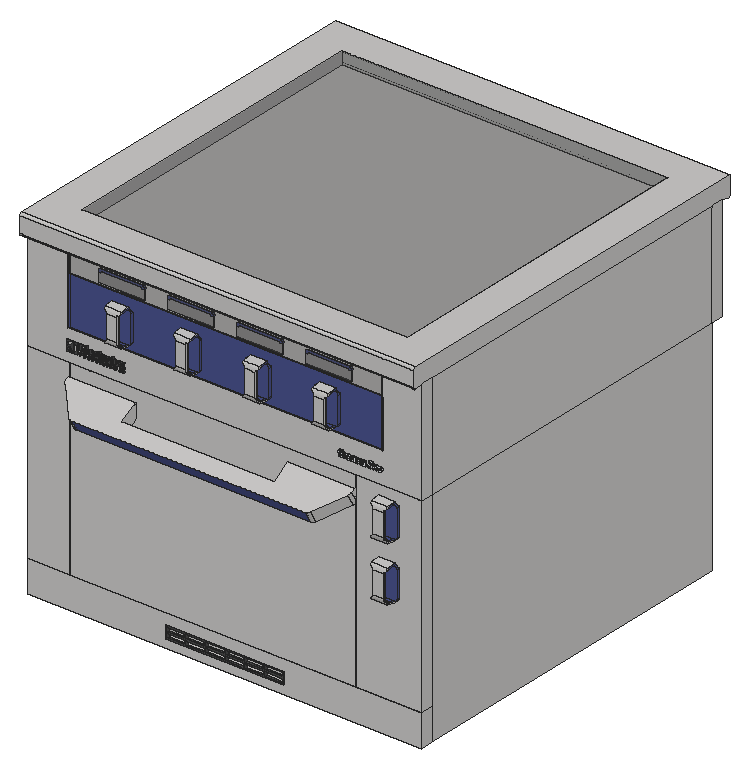
Revit family "QF_ELECTROLUXPROFESSIONAL_588427_MAIMEAH8AO", category Attrezzature speciali, Revit 2020 (continued)
Definition of nested family "Front_Panel_W800_4 Knobs"
  Definition of nested family "ELX_Professional_Logo_Small"
    Forms (mm)
      Extrusion 2, solid, material <- "Material_Logo"
        sketch origin (15.5, 0, 0) x (1, 0, 0) y (0, 1, 0)
          loop
            spline (-12.295, -0.468) -> (-12.474, -0.643) -> (-12.659, -0.805) -> (-12.85, -0.953) -> (-13.048, -1.087) -> (-13.254, -1.206) -> (-13.467, -1.311) -> (-13.69, -1.4) -> (-13.921, -1.475) -> (-14.162, -1.533) -> (-14.414, -1.575) -> (-14.677, -1.6) -> (-14.951, -1.609)
            spline (-14.951, -1.609) -> (-15.398, -1.581) -> (-15.823, -1.497) -> (-16.223, -1.362) -> (-16.596, -1.179) -> (-16.937, -0.95) -> (-17.243, -0.678) -> (-17.512, -0.367) -> (-17.739, -0.02) -> (-17.921, 0.36) -> (-18.055, 0.771) -> (-18.138, 1.208) -> (-18.167, 1.669)
          loop
            spline (-4.441, -1.243) -> (-4.659, -1.247) -> (-4.894, -1.23) -> (-5.137, -1.19) -> (-5.384, -1.121) -> (-5.628, -1.021) -> (-5.864, -0.884) -> (-6.084, -0.708) -> (-6.283, -0.488) -> (-6.454, -0.219) -> (-6.592, 0.101) -> (-6.69, 0.478) -> (-6.742, 0.914)
            line (-6.742, 0.914) -> (-6.742, 4.587) -> (-4.487, 4.587) -> (-4.487, 6.838) -> (-6.738, 6.838) -> (-6.738, 10.824) -> (-9.217, 10.824) -> (-9.217, 0.773)
            spline (-9.217, 0.773) -> (-9.164, 0.19) -> (-9.068, -0.358) -> (-8.928, -0.87) -> (-8.742, -1.343) -> (-8.511, -1.777) -> (-8.232, -2.168) -> (-7.904, -2.515) -> (-7.527, -2.816) -> (-7.098, -3.069) -> (-6.618, -3.273) -> (-6.084, -3.426) -> (-5.496, -3.525)
            line (-5.496, -3.525) -> (-4.45, -3.573) -> (-4.441, -1.243)
          loop
            spline (3.898, 6.983) -> (3.469, 7.009) -> (3.056, 7.001) -> (2.661, 6.961) -> (2.283, 6.888) -> (1.925, 6.785) -> (1.588, 6.652) -> (1.272, 6.49) -> (0.979, 6.301) -> (0.71, 6.085) -> (0.465, 5.844) -> (0.247, 5.578) -> (0.056, 5.289)
            line (0.056, 5.289) -> (0.056, 6.838) -> (-2.402, 6.838) -> (-2.402, -3.572) -> (0.056, -3.572) -> (0.056, 1.901)
            spline (0.056, 1.901) -> (0.079, 2.316) -> (0.145, 2.703) -> (0.254, 3.06) -> (0.404, 3.386) -> (0.592, 3.679) -> (0.818, 3.938) -> (1.08, 4.162) -> (1.375, 4.348) -> (1.703, 4.495) -> (2.062, 4.602) -> (2.45, 4.668) -> (2.865, 4.69)
            line (2.865, 4.69) -> (3.898, 4.586) -> (3.898, 6.983)
          loop
            spline (15.638, 1.633) -> (15.586, 2.396) -> (15.435, 3.124) -> (15.192, 3.81) -> (14.863, 4.449) -> (14.455, 5.034) -> (13.975, 5.56) -> (13.43, 6.021) -> (12.826, 6.411) -> (12.17, 6.724) -> (11.469, 6.955) -> (10.729, 7.098) -> (9.958, 7.147)
            spline (9.958, 7.147) -> (9.182, 7.098) -> (8.44, 6.955) -> (7.737, 6.724) -> (7.081, 6.411) -> (6.477, 6.021) -> (5.933, 5.56) -> (5.454, 5.034) -> (5.048, 4.449) -> (4.721, 3.81) -> (4.479, 3.124) -> (4.329, 2.396) -> (4.277, 1.633)
            spline (4.277, 1.633) -> (4.329, 0.869) -> (4.479, 0.141) -> (4.721, -0.544) -> (5.048, -1.183) -> (5.454, -1.768) -> (5.933, -2.294) -> (6.477, -2.755) -> (7.081, -3.145) -> (7.737, -3.459) -> (8.44, -3.69) -> (9.182, -3.833) -> (9.958, -3.882)
            spline (9.958, -3.882) -> (10.729, -3.833) -> (11.469, -3.69) -> (12.17, -3.459) -> (12.826, -3.145) -> (13.43, -2.755) -> (13.975, -2.294) -> (14.455, -1.768) -> (14.863, -1.183) -> (15.192, -0.544) -> (15.435, 0.141) -> (15.586, 0.869) -> (15.638, 1.633)
          loop
            spline (13.18, 1.633) -> (13.151, 2.083) -> (13.067, 2.513) -> (12.932, 2.918) -> (12.748, 3.296) -> (12.52, 3.642) -> (12.251, 3.954) -> (11.943, 4.227) -> (11.601, 4.459) -> (11.228, 4.645) -> (10.828, 4.782) -> (10.403, 4.867) -> (9.958, 4.896)
            spline (9.958, 4.896) -> (9.509, 4.867) -> (9.081, 4.782) -> (8.679, 4.645) -> (8.306, 4.459) -> (7.964, 4.227) -> (7.658, 3.954) -> (7.39, 3.642) -> (7.163, 3.296) -> (6.981, 2.918) -> (6.847, 2.513) -> (6.765, 2.083) -> (6.736, 1.633)
            spline (6.736, 1.633) -> (6.765, 1.182) -> (6.847, 0.753) -> (6.981, 0.347) -> (7.163, -0.031) -> (7.39, -0.377) -> (7.658, -0.689) -> (7.964, -0.962) -> (8.306, -1.193) -> (8.679, -1.38) -> (9.081, -1.517) -> (9.509, -1.602) -> (9.958, -1.631)
            spline (9.958, -1.631) -> (10.403, -1.602) -> (10.828, -1.517) -> (11.228, -1.38) -> (11.601, -1.193) -> (11.943, -0.962) -> (12.251, -0.689) -> (12.52, -0.377) -> (12.748, -0.031) -> (12.932, 0.347) -> (13.067, 0.753) -> (13.151, 1.182) -> (13.18, 1.633)
          loop
            line (17.162, 4.269) -> (17.162, -3.573) -> (19.642, -3.573) -> (19.642, 10.824) -> (17.162, 10.824) -> (17.162, 4.269)
          loop
            line (28.581, 6.838) -> (28.581, 0.786)
            spline (28.581, 0.786) -> (28.561, 0.393) -> (28.503, 0.038) -> (28.409, -0.279) -> (28.281, -0.559) -> (28.122, -0.802) -> (27.933, -1.011) -> (27.717, -1.185) -> (27.476, -1.325) -> (27.213, -1.433) -> (26.929, -1.509) -> (26.626, -1.554) -> (26.308, -1.569)
            spline (26.308, -1.569) -> (25.99, -1.554) -> (25.688, -1.509) -> (25.404, -1.434) -> (25.141, -1.326) -> (24.9, -1.187) -> (24.684, -1.014) -> (24.496, -0.807) -> (24.336, -0.565) -> (24.209, -0.288) -> (24.115, 0.026) -> (24.057, 0.376) -> (24.037, 0.765)
            line (24.037, 0.765) -> (24.037, 6.838) -> (21.537, 6.838) -> (21.537, 0.558)
            spline (21.537, 0.558) -> (21.581, -0.153) -> (21.71, -0.8) -> (21.916, -1.384) -> (22.195, -1.904) -> (22.54, -2.362) -> (22.944, -2.757) -> (23.403, -3.09) -> (23.909, -3.362) -> (24.456, -3.572) -> (25.04, -3.722) -> (25.652, -3.811) -> (26.288, -3.841)
            spline (26.288, -3.841) -> (26.929, -3.811) -> (27.547, -3.72) -> (28.135, -3.568) -> (28.687, -3.355) -> (29.197, -3.079) -> (29.66, -2.741) -> (30.068, -2.341) -> (30.415, -1.877) -> (30.696, -1.349) -> (30.905, -0.757) -> (31.034, -0.101) -> (31.079, 0.621)
            line (31.079, 0.621) -> (31.079, 6.838) -> (28.581, 6.838)
          loop
            line (40.457, -0.243) -> (38.894, 1.942) -> (40.83, 4.579) -> (42.488, 6.837) -> (39.782, 6.837) -> (37.53, 3.719) -> (35.258, 6.837) -> (32.573, 6.837) -> (34.113, 4.731) -> (36.167, 1.922) -> (34.014, -1.076) -> (32.222, -3.573) -> (34.887, -3.573) -> (37.53, 0.104) -> (40.174, -3.573) -> (42.839, -3.573) -> (40.457, -0.243)
          loop
            line (-46.121, -5.837) -> (-48.039, -5.837) -> (-48.039, -10.814) -> (-47.016, -10.814) -> (-47.016, -9.128) -> (-46.121, -9.128)
            arc (-46.121, -9.128) -> (-44.476, -7.482) -> (-46.121, -5.837) r 1.645
          loop
            line (-46.163, -6.778) -> (-47.016, -6.778) -> (-47.016, -8.187) -> (-46.163, -8.187)
            arc (-46.163, -8.187) -> (-45.458, -7.482) -> (-46.163, -6.778) r 0.704
          loop
            line (-38.313, -5.837) -> (-40.265, -5.837) -> (-40.265, -10.814) -> (-39.241, -10.814) -> (-39.241, -9.1) -> (-38.46, -9.182) -> (-37.48, -10.814) -> (-36.318, -10.814) -> (-37.513, -8.848)
            arc (-37.513, -8.848) -> (-36.888, -8.266) -> (-36.671, -7.441) r 1.536
            arc (-36.671, -7.441) -> (-37.165, -6.305) -> (-38.313, -5.837) r 1.643
          loop
            arc (-38.402, -8.166) -> (-37.707, -7.505) -> (-38.334, -6.778) r 0.696
            line (-38.334, -6.778) -> (-39.241, -6.778) -> (-39.241, -8.166) -> (-38.402, -8.166)
          loop
            circle (-29.965, -8.325) r 2.585
          loop
            circle (-29.965, -8.325) r 1.64
          loop
            line (-23.1, -5.837) -> (-23.1, -10.814) -> (-22.076, -10.814) -> (-22.076, -8.768) -> (-20.204, -8.768) -> (-20.204, -7.828) -> (-22.076, -7.828) -> (-22.076, -6.778) -> (-20.024, -6.778) -> (-20.024, -5.837) -> (-23.1, -5.837)
          loop
            line (-15.802, -5.837) -> (-15.802, -9.2)
            arc (-15.802, -9.2) -> (-15.343, -10.34) -> (-14.209, -10.814) r 1.593
            line (-14.209, -10.814) -> (-12.602, -10.814) -> (-12.602, -10.027) -> (-14.004, -10.027)
            arc (-14.004, -10.027) -> (-14.552, -9.8) -> (-14.779, -9.252) r 0.775
            line (-14.779, -9.252) -> (-14.779, -8.424) -> (-12.789, -8.424) -> (-12.789, -7.642) -> (-14.779, -7.642) -> (-14.779, -6.778) -> (-12.651, -6.778) -> (-12.651, -5.837) -> (-15.802, -5.837)
          loop
            line (-5.909, -7.143) -> (-5.173, -6.638)
            arc (-5.173, -6.638) -> (-5.855, -5.974) -> (-6.781, -5.755) r 1.782
            arc (-6.781, -5.755) -> (-7.397, -5.878) -> (-7.944, -6.189) r 1.974
            arc (-7.944, -6.189) -> (-8.202, -6.5) -> (-8.317, -6.888) r 1.013
            arc (-8.317, -6.888) -> (-8.306, -7.341) -> (-8.192, -7.78) r 1.985
            arc (-8.192, -7.78) -> (-7.749, -8.259) -> (-7.171, -8.563) r 1.928
            arc (-7.171, -8.563) -> (-6.637, -8.779) -> (-6.131, -9.056) r 5.041
            arc (-6.131, -9.056) -> (-5.934, -9.387) -> (-6.09, -9.74) r 0.42
            arc (-6.09, -9.74) -> (-6.631, -9.96) -> (-7.204, -9.845) r 1.016
            arc (-7.204, -9.845) -> (-7.625, -9.603) -> (-7.889, -9.196) r 1.033
            line (-7.889, -9.196) -> (-8.67, -9.686)
            arc (-8.67, -9.686) -> (-8.361, -10.198) -> (-7.908, -10.589) r 1.914
            arc (-7.908, -10.589) -> (-7.334, -10.834) -> (-6.714, -10.896) r 2.063
            arc (-6.714, -10.896) -> (-5.947, -10.743) -> (-5.256, -10.376) r 2.696
            arc (-5.256, -10.376) -> (-4.95, -9.565) -> (-5.108, -8.712) r 1.618
            arc (-5.108, -8.712) -> (-5.448, -8.319) -> (-5.884, -8.035) r 1.876
            arc (-5.884, -8.035) -> (-6.434, -7.789) -> (-6.999, -7.577) r 9.883
            arc (-6.999, -7.577) -> (-7.325, -7.07) -> (-6.854, -6.694) r 0.45
            arc (-6.854, -6.694) -> (-6.329, -6.809) -> (-5.909, -7.143) r 1.197
          loop
            line (1.61, -7.143) -> (2.345, -6.638)
            arc (2.345, -6.638) -> (1.663, -5.974) -> (0.737, -5.755) r 1.782
            arc (0.737, -5.755) -> (0.121, -5.878) -> (-0.425, -6.189) r 1.974
            arc (-0.425, -6.189) -> (-0.683, -6.5) -> (-0.799, -6.888) r 1.013
            arc (-0.799, -6.888) -> (-0.788, -7.341) -> (-0.674, -7.78) r 1.985
            arc (-0.674, -7.78) -> (-0.231, -8.259) -> (0.347, -8.563) r 1.928
            arc (0.347, -8.563) -> (0.881, -8.779) -> (1.387, -9.056) r 5.041
            arc (1.387, -9.056) -> (1.584, -9.387) -> (1.428, -9.74) r 0.42
            arc (1.428, -9.74) -> (0.887, -9.96) -> (0.314, -9.845) r 1.016
            arc (0.314, -9.845) -> (-0.107, -9.603) -> (-0.371, -9.196) r 1.033
            line (-0.371, -9.196) -> (-1.152, -9.686)
            arc (-1.152, -9.686) -> (-0.842, -10.198) -> (-0.39, -10.589) r 1.914
            arc (-0.39, -10.589) -> (0.184, -10.834) -> (0.804, -10.896) r 2.063
            arc (0.804, -10.896) -> (1.572, -10.743) -> (2.263, -10.376) r 2.696
            arc (2.263, -10.376) -> (2.568, -9.565) -> (2.411, -8.712) r 1.618
            arc (2.411, -8.712) -> (2.07, -8.319) -> (1.635, -8.035) r 1.876
            arc (1.635, -8.035) -> (1.084, -7.789) -> (0.519, -7.577) r 9.883
            arc (0.519, -7.577) -> (0.193, -7.07) -> (0.665, -6.694) r 0.45
            arc (0.665, -6.694) -> (1.189, -6.809) -> (1.61, -7.143) r 1.197
          loop
            line (6.801, -5.837) -> (6.801, -10.814) -> (7.825, -10.814) -> (7.825, -5.837) -> (6.801, -5.837)
          loop
            circle (14.724, -8.325) r 1.548
          loop
            circle (14.724, -8.325) r 2.585
          loop
            line (21.59, -10.814) -> (22.623, -10.814) -> (22.623, -7.685) -> (24.9, -10.814) -> (25.895, -10.814) -> (25.895, -5.837) -> (24.861, -5.837) -> (24.861, -9.061) -> (22.585, -5.837) -> (21.59, -5.837) -> (21.59, -10.814)
          loop
            line (31.054, -10.814) -> (31.539, -9.74) -> (33.38, -9.74) -> (33.865, -10.814) -> (34.965, -10.814) -> (32.46, -5.837) -> (29.956, -10.814) -> (31.054, -10.814)
          loop
            line (32.46, -7.698) -> (31.999, -8.719) -> (32.921, -8.719) -> (32.46, -7.698)
          loop
            line (40.047, -9.873) -> (40.047, -5.837) -> (39.024, -5.837) -> (39.024, -10.814) -> (41.961, -10.814) -> (41.961, -9.873) -> (40.047, -9.873)
          loop
            line (-74.986, -10.814) -> (-53.322, -10.814) -> (-53.322, 10.82) -> (-74.986, 10.82) -> (-74.986, -10.814)
          loop
            line (-61.261, 9.758) -> (-61.261, -9.707)
            arc (-61.261, -9.707) -> (-54.066, 0.025) -> (-61.261, 9.758) r 10.18
          loop
            line (-62.251, 8.349) -> (-62.251, 9.758)
            arc (-62.251, 9.758) -> (-70.347, 7.918) -> (-74.247, 0.59) r 9.976
            line (-74.247, 0.59) -> (-71.026, 0.59)
            arc (-71.026, 0.59) -> (-65.274, 2.925) -> (-62.251, 8.349) r 9.351
          loop
            arc (-74.247, -0.539) -> (-70.353, -7.928) -> (-62.251, -9.957) r 10.237
            line (-62.251, -9.957) -> (-62.251, -8.298)
            arc (-62.251, -8.298) -> (-65.274, -2.874) -> (-71.026, -0.539) r 9.351
            line (-71.026, -0.539) -> (-74.247, -0.539)
        from 0 to 1.644
    Dimensions and locks
      aligned and locked: plane 2 to Extrusion 1
      aligned and locked: level to Extrusion 1
